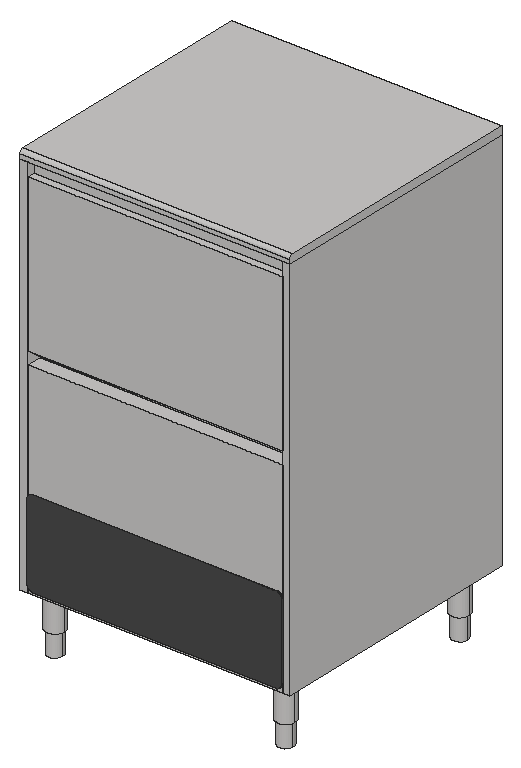
Revit family "QF_ZANUSSI_730335_ICC112I60SNP", category Attrezzature speciali, Revit 2018
Family settings
  Quota connettore circolare = Usa diametro
  Tipo di parte = Normale
  Basato su piano di lavoro = No
  Sempre verticale = Sì
  Taglio con vuoti quando caricato = No
  Condiviso = No
  Punto di calcolo locali = No
Parameters (values of type "Standard")
  Weight = 81.00 kg
  Watts = 0 W
  Volts = 220 V
  URL Manufacturer = "http://www.zanussiprofessional.com"
  URL = "http://www.zanussiprofessional.com"
  Steam Supply Size = 0 mm
  Steam Supply Minimum Pressure = 0.0 Pa
  Steam Supply Maximum Pressure = 0.0 Pa
  Steam Pounds per Hour = 0
  Show Logo [instance] = yes
  Show Clearance [instance] = yes
  Refrigeration Suction Line Size = 0 mm
  Refrigeration Liquid Line Size = 0 mm
  Refrigerant Compressor Remote = yes
  Produttore = "Zanussi"
  Phase = 1
  Modello = "ICC112I60SNP"
  Length Actual = 715 mm  # constant formula
  Item Number = "730335"
  Hot Water Size = 0 mm
  Height Actual = 1149 mm  # constant formula
  HP = "0 HP"
  Gas Size = 0 mm
  Gas KW = 0
  Gas Input Pressure = 0 W
  Descrizione = "WATER COOLED ICE CUBER 40GR 112KG/24H-BIN 60KG"
  Depth Actual = 700 mm  # constant formula
  Cycle = 50 Hz
  Condensate Return Size = 0 mm
  Compressed Air Volume = 0.0 L/s
  Compressed Air Size = 0 mm
  Compressed Air Pressure = 0.0 Pa
  Cold Water Size = 19.05 mm
  Accessory = yes
Reference planes
  plane 1 "Center X": y = 272.851
  plane 2: z = 0
  plane 3 "Center Y": x = -501.5
  plane 4 "LEFT": x = -859
  plane 5 "RIGHT": x = -144
  plane 6 "FRONT": y = -77.649
  plane 7 "BACK": y = 623.351
  plane 8: z = 154
  plane 9: z = 1198
  plane 10: z = 1178
  plane 11: x = -839
  plane 12: x = -164
  plane 13: y = -37.649
Forms (mm)
  Extrusion 1, solid, material "QF_Finishes_Black"
    sketch origin (-217.296, -77.649, 371.513) x (-1, 0, 0) y (0, 0, -1)
      loop
        arc (606.704, -20.487) -> (617.311, -16.093) -> (621.704, -5.487) r 15
        line (621.704, -5.487) -> (621.704, 195.469)
        arc (621.704, 195.469) -> (617.311, 206.075) -> (606.704, 210.469) r 15
        line (606.704, 210.469) -> (-38.296, 210.469)
        arc (-38.296, 210.469) -> (-48.903, 206.075) -> (-53.296, 195.469) r 15
        line (-53.296, 195.469) -> (-53.296, -5.487)
        arc (-53.296, -5.487) -> (-48.903, -16.093) -> (-38.296, -20.487) r 15
        line (-38.296, -20.487) -> (606.704, -20.487)
    from 0 to 2
  Extrusion 2, solid, material "QF_Finishes_Stainless Steel"
    sketch origin (-501.5, 0, 0) x (0, 1, 0) y (0, 0, 1)
      loop
        line (623.351, 1178) -> (623.351, 1198) -> (-67.649, 1198)
        arc (-67.649, 1198) -> (-74.72, 1195.071) -> (-77.649, 1188) r 10
        line (-77.649, 1188) -> (-77.649, 1178) -> (623.351, 1178)
    from -357.5 to 357.5
  Extrusion 3, solid, material "QF_Finishes_Stainless Steel"
    sketch origin (-446.7, 623.351, -284.545) x (1, 0, 0) y (0, 0, -1)
      loop
        circle (233.2, -654.545) r 10
    from 0 to 10
  Extrusion 4, solid, material "QF_Finishes_Stainless Steel"
    sketch origin (0, 0, 0) x (1, 0, 0) y (0, 1, 0)
      loop
        line (-859, 623.351) -> (-859, -77.649) -> (-839, -77.649) -> (-839, 623.351) -> (-859, 623.351)
    from 154 to 1178
  Extrusion 5, solid, material "QF_Finishes_Stainless Steel"
    sketch origin (0, 0, 0) x (1, 0, 0) y (0, 1, 0)
      loop
        line (-164, 623.351) -> (-164, -77.649) -> (-144, -77.649) -> (-144, 623.351) -> (-164, 623.351)
    from 154 to 1178
  Extrusion 6, solid, material "QF_Finishes_Stainless Steel"
    sketch origin (0, 0, 0) x (1, 0, 0) y (0, 1, 0)
      loop
        line (-839, 623.351) -> (-839, -37.649) -> (-164, -37.649) -> (-164, 623.351) -> (-839, 623.351)
    from 154 to 1178
  Extrusion 7, solid, material "QF_Finishes_Stainless Steel"
    sketch origin (0, 0, 0) x (1, 0, 0) y (0, 1, 0)
      loop
        line (-839, -77.649) -> (-164, -77.649) -> (-164, -37.649) -> (-839, -37.649) -> (-839, -77.649)
    from 154 to 695.994
  Extrusion 8, solid, material "QF_Finishes_Stainless Steel"
    sketch origin (-501.5, 0, 0) x (0, 1, 0) y (0, 0, 1)
      loop
        line (-37.649, 1178) -> (-57.649, 1178) -> (-57.649, 1142) -> (-77.649, 1142) -> (-77.649, 728.768) -> (-57.649, 728.768) -> (-57.649, 713.768) -> (-37.649, 713.768) -> (-37.649, 1178)
    from -337.5 to 337.5
  Extrusion 9, solid, material "QF_Finishes_Stainless Steel"
    sketch origin (-428.2, 623.351, -395.545) x (1, 0, 0) y (0, 0, -1)
      loop
        circle (233.2, -654.545) r 10
    from 0 to 10
  Extrusion 10, solid, material "QF_Finishes_Stainless Steel"
    sketch origin (-487.7, 623.351, -316.545) x (1, 0, 0) y (0, 0, -1)
      loop
        circle (233.2, -654.545) r 10
    from 0 to 10
Lines and regions (mm)
  Split face 1
    outline origin (-501.5, -57.649, 1178) x (0, 0, -1) y (1, 0, 0)
      loop
        line (5.715, 214.928) -> (30.715, 214.928) -> (30.715, 254.928) -> (5.715, 254.928) -> (5.715, 214.928)
  symbolic lines
    curve 1: line (-859, 623.351, 0) -> (-144, 623.351, 0)
    curve 2: line (-859, -77.649, 0) -> (-859, 623.351, 0)
    curve 3: line (-144, -77.649, 0) -> (-859, -77.649, 0)
    curve 4: line (-144, 623.351, 0) -> (-144, -77.649, 0)
Dimensions and locks
  equal spacing: plane 4 "LEFT", plane 3 "Center Y", plane 5 "RIGHT"
  plane 4 "LEFT" to plane 5 "RIGHT" = 715 mm
  equal spacing: plane 7 "BACK", plane 1 "Center X", plane 6 "FRONT"
  plane 7 "BACK" to plane 6 "FRONT" = 701 mm
  plane 8 to plane 2 = 154 mm
  plane 9 to plane 8 = 1044 mm
  locked: plane 4 "LEFT" to plane 11 at 20
  locked: plane 12 to plane 5 "RIGHT" at 20
  locked: plane 9 to plane 10 at 20
  locked: plane 13 to plane 6 "FRONT" at 40
  aligned and locked: level to plane 2
  aligned and locked: plane 5 "RIGHT" to Extrusion 2
  aligned and locked: Extrusion 2 to plane 4 "LEFT"
  aligned and locked: Extrusion 4 sketch curve to Extrusion 2  (x2)
  aligned and locked: plane 6 "FRONT" to Extrusion 4 sketch curve
  aligned and locked: Extrusion 4 sketch curve to plane 11
  aligned and locked: Extrusion 5 sketch curve to plane 7 "BACK"
  aligned and locked: plane 12 to Extrusion 5 sketch curve
  aligned and locked: Extrusion 5 sketch curve to Extrusion 2  (x2)
  aligned and locked: plane 10 to Extrusion 4
  aligned and locked: plane 10 to Extrusion 5
  aligned and locked: Extrusion 4 to plane 8
  aligned and locked: Extrusion 5 to plane 8
  aligned and locked: Extrusion 6 sketch curve to Extrusion 4
  aligned and locked: Extrusion 4 to Extrusion 6 sketch curve
  aligned and locked: plane 13 to Extrusion 6 sketch curve
  aligned and locked: Extrusion 6 sketch curve to plane 12
  aligned and locked: plane 10 to Extrusion 6
  aligned and locked: Extrusion 6 to plane 8
  aligned and locked: Extrusion 4 to Extrusion 7 sketch curve
  aligned and locked: Extrusion 7 sketch curve to Extrusion 4
  aligned and locked: plane 13 to Extrusion 7 sketch curve
  aligned and locked: plane 12 to Extrusion 7 sketch curve
  aligned and locked: Extrusion 7 to plane 8
  aligned and locked: plane 12 to Extrusion 8
  aligned and locked: Extrusion 8 to plane 11
Automatic sketch dimensions
  curve 3 to plane 4 "LEFT" = 0 mm
  curve 3 to plane 5 "RIGHT" = 0 mm
  curve 3 to plane 6 "FRONT" = 0 mm
  curve 2 to plane 7 "BACK" = 0 mm
  Extrusion 1 sketch curve to plane 12 = 0 mm
  plane 8 to Extrusion 1 sketch curve = 7.044 mm
  Extrusion 1 sketch curve to Extrusion 1 sketch curve = 15 mm  (x3)
  plane 11 to Extrusion 1 sketch curve = 15 mm  (x2)
  Extrusion 1 sketch curve to Extrusion 1 sketch curve = 200.956 mm
  Extrusion 2 sketch curve to plane 6 "FRONT" = 0 mm
  Extrusion 2 sketch curve to plane 9 = 0 mm
  Extrusion 2 sketch curve to plane 7 "BACK" = 0 mm
  Extrusion 2 sketch curve to plane 10 = 0 mm
  plane 6 "FRONT" to Extrusion 2 sketch curve = 10 mm
  Extrusion 6 to Extrusion 3 sketch curve = 216 mm
  Extrusion 3 sketch curve to Extrusion 6 = 49.5 mm
  Extrusion 8 sketch curve to plane 6 "FRONT" = 0 mm
  Extrusion 8 sketch curve to plane 10 = 0 mm
  Extrusion 8 sketch curve to plane 13 = 0 mm
  plane 6 "FRONT" to Extrusion 8 sketch curve = 20 mm  (x2)
  Extrusion 8 sketch curve to plane 10 = 36 mm
  Extrusion 8 sketch curve to Extrusion 8 sketch curve = 413.232 mm
  Extrusion 8 sketch curve to Extrusion 8 sketch curve = 15 mm
  Split face 1 sketch curve to Extrusion 8 = 5.715 mm
  Extrusion 8 to Split face 1 sketch curve = 5.285 mm
  Split face 1 sketch curve to Extrusion 8 = 122.572 mm
  Split face 1 sketch curve to Split face 1 sketch curve = 40 mm
  Extrusion 9 sketch curve to Extrusion 6 = 31 mm
  Extrusion 6 to Extrusion 9 sketch curve = 105 mm
  Extrusion 10 sketch curve to Extrusion 6 = 90.5 mm
  Extrusion 6 to Extrusion 10 sketch curve = 184 mm
  radius of Extrusion 3 sketch curve = 10 mm
  radius of Extrusion 9 sketch curve = 10 mm
  radius of Extrusion 10 sketch curve = 10 mm
Nested families
  nested 1: "Foot_Complete" at (-807, -26.649, 0), type "Foot_Complete"
  nested 2: "Foot_Complete" at (-196, -26.649, 0) x (-1, 0, 0) z (0, 0, 1), type "Foot_Complete"
  nested 3: "Foot_Complete" at (-807, 550.351, 0), type "Foot_Complete"
  nested 4: "Foot_Complete" at (-196, 550.351, 0) x (-1, 0, 0) z (0, 0, 1), type "Foot_Complete"
Connectors
  electrical at (-195, 633.351, 259), driven by "Volts"
    settings: on Extrusion 9, index 1, voltage 220 V, apparent load 0 VA, apparent load phase1 0 VA, apparent load phase2 0 VA, apparent load phase3 0 VA, power factor 1, load classification "Altro", number of poles 1, system type 30, power factor state 1, is connector primary yes, connector utility no, sub classification motor no, connector description "Electrical Connection"
  piping at (-213.5, 633.351, 370), diameter 20
    settings: on Extrusion 3, index 2, connector inside diameter 609.6 mm, connector length 0 mm, flow factor 0, pipe flow 0.0 L/s, pressure drop 0.0 Pa, fitting loss kfactor 0, connector angle 0.00°, fixture units 0, engagement length 0 mm, angle of deflection 0.00°, flow configuration 0, flow direction 0, fitting loss method 0, system type 20, joint type 0, gender type 0, connector reference index -1, connector utility 0, adjustable connector no, is connector primary yes, connector description "Cold water"
  piping at (-254.5, 633.351, 338), diameter 20
    settings: on Extrusion 10, index 3, connector inside diameter 609.6 mm, connector length 0 mm, flow factor 0, pipe flow 0.0 L/s, pressure drop 0.0 Pa, fitting loss kfactor 0, connector angle 0.00°, fixture units 0, engagement length 0 mm, angle of deflection 0.00°, flow configuration 0, flow direction 0, fitting loss method 0, system type 16, joint type 0, gender type 0, connector reference index -1, connector utility 0, adjustable connector no, is connector primary no, connector description "Drain"
Definition of nested family "Foot_Complete"
  Parameters (values of type "Foot_Complete")
    R = 25 mm
    H = 153 mm
  Reference planes
    plane 1 "Centro (Fronte/Retro)": y = 0
    plane 2: z = 0
    plane 3 "Centro (Sinistra/Destra)": x = 0
    plane 4: z = 153
  Forms (mm)
    Revolve 1, solid
      sketch origin (255.05, 0, 608.09) x (0, 0, 1) y (-1, 0, 0)
        loop
          line (-608.09, 255.05) -> (-608.09, 235.05) -> (-548.09, 235.05) -> (-548.09, 230.05) -> (-455.09, 230.05) -> (-455.09, 255.05) -> (-608.09, 255.05)
        axis (-608.09, 255.05) -> (-455.09, 255.05)
      angle from 0 to 360
  Dimensions and locks
    level to Revolve 1 sketch curve = 60 mm
    "R": Revolve 1 sketch curve to plane 3 "Centro (Sinistra/Destra)"
    "H": plane 4 to level
    aligned and locked: level to plane 2
    aligned and locked: plane 4 to Revolve 1 sketch curve
    aligned and locked: Revolve 1 sketch curve to level
    aligned and locked: plane 3 "Centro (Sinistra/Destra)" to Revolve 1 sketch curve
  Automatic sketch dimensions
    Revolve 1 sketch curve to plane 3 "Centro (Sinistra/Destra)" = 0 mm
    plane 3 "Centro (Sinistra/Destra)" to Revolve 1 sketch curve = 20 mm
    Revolve 1 sketch curve to Revolve 1 sketch curve = 50 mm
    Revolve 1 sketch curve to Revolve 1 sketch curve = 20 mm
